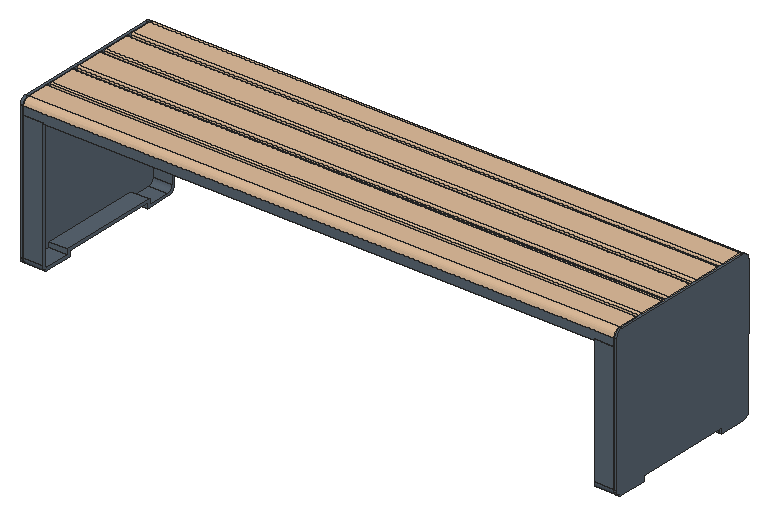
Revit family "product code 61108-S-L", category Meble, Revit 2021
Family settings
  Numer OmniClass = 23.40.20.00
  Tytuł OmniClass = General Furniture and Specialties
  Oparty na płaszczyźnie roboczej = Nie
  Zawsze pionowo = Tak
  Tnij formami wycięć po wczytaniu = Nie
  Współdzielony = Nie
  Punkt obliczania pomieszczeń = Nie
Parameters (values of type "61108-S-L")
  wood = Kobenhagen Wood - Larch
  metal = Kobenhagen RAL 5011
  Width = "50 cm"
  Weight = "50 kg"
  URL = "https://kobenhagen.com/en_US/p/Indre-By-4-person-Bench-wo-Backrest/207"
  Product line = "Indre By"
  Product Groups = "Benches"
  Producent = "Lars Laj"
  Keynote = ""
  Opis = "Indre By 4-person Bench w/o Backrest"
  Model = "61108-S-L"
  Material = "Larch, stainless steel, powder coated steel"
  Maintenance = "We recommend to examine and tighten all screws and bolt clamps after a few weeks’ use. In order to prevent cracks and to extend the life of the wood, it is recommended that the wood details should be oiled every 3-5 years."
  Lenght = "180 cm"
  Type Comments = ""
  Kobenhagen Materials = "larslaj.com/bim"
  Hosted on larslaj.com = "https://larslaj.com/bim"
  Height = "45 cm"
  Domyślna rzędna = 0 mm
  Copyright = "All designs and drawings are the intellectual property of Lars Laj A/S and are protected by Danish and international copyright laws."
Reference planes
  plane 1 "front": y = 0
  plane 2: z = 0
  plane 3 "Środek (Lewa/Prawa)": x = 0
  plane 4 "left": x = -895
  plane 5 "right": x = 895
  plane 6 "back": y = 575.242
  plane 7: x = -835
  plane 8: x = 835
  plane 9: x = -287.083
  plane 10: x = 285.833
Forms (mm)
  Extrusion 1, solid, material "Kobenhagen Wood - Larch" <- "wood"
    sketch origin (0, -0.031, 21.46) x (0, 1, 0) y (0, 0, 1)
      loop
        arc (260.118, 430.04) -> (256.583, 428.576) -> (255.118, 425.04) r 5
        line (255.118, 425.04) -> (255.118, 388.972)
        arc (255.118, 388.972) -> (255.693, 387.586) -> (257.078, 387.012) r 1.96
        line (257.078, 387.012) -> (342.493, 387.012)
        arc (342.493, 387.012) -> (343.908, 387.598) -> (344.493, 389.012) r 2
        line (344.493, 389.012) -> (344.493, 425.04)
        arc (344.493, 425.04) -> (343.029, 428.576) -> (339.493, 430.04) r 5
        line (339.493, 430.04) -> (260.118, 430.04)
    from -895 to 895
  Extrusion 2, solid, material "Kobenhagen Wood - Larch" <- "wood"
    sketch origin (0, -102.48, 21.46) x (0, 1, 0) y (0, 0, 1)
      loop
        arc (260.118, 430.04) -> (256.583, 428.576) -> (255.118, 425.04) r 5
        line (255.118, 425.04) -> (255.118, 388.972)
        arc (255.118, 388.972) -> (255.693, 387.586) -> (257.078, 387.012) r 1.96
        line (257.078, 387.012) -> (342.493, 387.012)
        arc (342.493, 387.012) -> (343.908, 387.598) -> (344.493, 389.012) r 2
        line (344.493, 389.012) -> (344.493, 425.04)
        arc (344.493, 425.04) -> (343.029, 428.576) -> (339.493, 430.04) r 5
        line (339.493, 430.04) -> (260.118, 430.04)
    from -895 to 895
  Extrusion 3, solid, material "Kobenhagen Wood - Larch" <- "wood"
    sketch origin (0, -204.668, 21.46) x (0, 1, 0) y (0, 0, 1)
      loop
        arc (275.801, 430.04) -> (261.497, 424.045) -> (255.743, 409.642) r 20.061
        line (255.743, 409.642) -> (258.916, 409.642) -> (258.916, 387.013) -> (343.118, 387.013)
        arc (343.118, 387.013) -> (344.532, 387.598) -> (345.117, 389.012) r 1.999
        line (345.117, 389.012) -> (345.117, 425.043)
        arc (345.117, 425.043) -> (343.653, 428.577) -> (340.119, 430.04) r 4.998
        line (340.119, 430.04) -> (275.801, 430.04)
    from -895 to 895
  Extrusion 4, solid, material "Kobenhagen Wood - Larch" <- "wood"
    sketch origin (0, 102.52, 22.625) x (0, 1, 0) y (0, 0, 1)
      loop
        arc (260.118, 428.875) -> (256.583, 427.411) -> (255.118, 423.875) r 5
        line (255.118, 423.875) -> (255.118, 387.807)
        arc (255.118, 387.807) -> (255.693, 386.421) -> (257.078, 385.847) r 1.96
        line (257.078, 385.847) -> (342.493, 385.847)
        arc (342.493, 385.847) -> (343.908, 386.433) -> (344.493, 387.847) r 2
        line (344.493, 387.847) -> (344.493, 423.875)
        arc (344.493, 423.875) -> (343.029, 427.411) -> (339.493, 428.875) r 5
        line (339.493, 428.875) -> (260.118, 428.875)
    from -895 to 895
  Extrusion 5, solid, material "Kobenhagen RAL 5011" <- "metal", not visible
    sketch origin (0, 0, 0) x (0, 1, 0) y (0, 0, 1)
      loop
        arc (71.187, 451.5) -> (57.045, 445.642) -> (51.187, 431.5) r 20
        line (51.187, 431.5) -> (51.187, 18.231)
        arc (51.187, 18.231) -> (56.527, 5.34) -> (69.418, 0) r 18.231
        line (69.418, 0) -> (153.638, 0) -> (153.638, 15) -> (448.638, 15) -> (448.638, 0) -> (527.023, 0)
        arc (527.023, 0) -> (542.307, 6.331) -> (548.638, 21.615) r 21.615
        line (548.638, 21.615) -> (548.638, 429.407)
        arc (548.638, 429.407) -> (542.168, 445.029) -> (526.545, 451.5) r 22.093
        line (526.545, 451.5) -> (71.187, 451.5)
    from 750.378 to 745
  Extrusion 6, solid, material "Kobenhagen RAL 5011" <- "metal", not visible
    sketch origin (0, 0, 0) x (0, 1, 0) y (0, 0, 1)
      loop
        line (548.638, 396.844) -> (629.375, 854.725) -> (601.836, 859.581)
        arc (601.836, 859.581) -> (585.224, 855.898) -> (576.082, 841.547) r 22.232
        line (576.082, 841.547) -> (507.306, 451.5) -> (526.545, 451.5)
        arc (526.545, 451.5) -> (542.168, 445.029) -> (548.638, 429.407) r 22.093
        line (548.638, 429.407) -> (548.638, 396.844)
    from 745 to 750.378
  Extrusion 7, solid, material "Kobenhagen RAL 5011" <- "metal"
    sketch origin (0, 0, 0) x (0, -1, 0) y (0, 0, 1)
      loop
        line (-71.187, 451.5) -> (-526.545, 451.5)
        arc (-526.545, 451.5) -> (-542.168, 445.029) -> (-548.638, 429.407) r 22.093
        line (-548.638, 429.407) -> (-548.638, 21.615)
        arc (-548.638, 21.615) -> (-542.307, 6.331) -> (-527.023, 0) r 21.615
        line (-527.023, 0) -> (-448.638, 0) -> (-448.638, 15) -> (-153.638, 15) -> (-153.638, 0) -> (-69.418, 0)
        arc (-69.418, 0) -> (-56.527, 5.34) -> (-51.187, 18.231) r 18.231
        line (-51.187, 18.231) -> (-51.187, 431.5)
        arc (-51.187, 431.5) -> (-57.045, 445.642) -> (-71.187, 451.5) r 20
    from 903.45 to 895
  Extrusion 8, solid, material "Kobenhagen RAL 5011" <- "metal"
    sketch origin (0, 0, 0) x (0, 1, 0) y (0, 0, 1)
      loop
        line (548.638, 23.296) -> (548.638, 408.472) -> (51.187, 408.472) -> (51.187, 18.763)
        arc (51.187, 18.763) -> (56.683, 5.495) -> (69.95, 0) r 18.763
        line (69.95, 0) -> (153.638, 0) -> (153.638, 15) -> (448.638, 15) -> (448.638, 0) -> (525.342, 0)
        arc (525.342, 0) -> (541.815, 6.823) -> (548.638, 23.296) r 23.296
      loop
        line (58.687, 400.262) -> (58.687, 18.763)
        arc (58.687, 18.763) -> (61.986, 10.799) -> (69.95, 7.5) r 11.263
        line (69.95, 7.5) -> (146.138, 7.5) -> (146.138, 22.5) -> (456.138, 22.5) -> (456.138, 7.5) -> (525.342, 7.5)
        arc (525.342, 7.5) -> (536.512, 12.127) -> (541.138, 23.296) r 15.796
        line (541.138, 23.296) -> (541.138, 400.262) -> (58.687, 400.262)
    from -895 to -835
  Extrusion 9, solid, material "Kobenhagen RAL 5011" <- "metal"
    sketch origin (0, 0, 0) x (0, 1, 0) y (0, 0, -1)
      loop
        line (548.09, -408.472) -> (548.09, -405.57) -> (72.53, -405.57) -> (72.53, -408.472) -> (548.09, -408.472)
    from -255.616 to -315.616
  Extrusion 10, solid, material "Kobenhagen RAL 5011" <- "metal"
    sketch origin (0, 0, 0) x (0, 1, 0) y (0, 0, 1)
      loop
        line (53.936, 431.102) -> (51.187, 431.102) -> (51.187, 405.57) -> (72.53, 405.57) -> (72.53, 408.472) -> (53.936, 408.472) -> (53.936, 431.102)
    from -895 to 895
  Extrusion 11, solid, material "Kobenhagen Wood - Larch" <- "wood"
    sketch origin (0, 804.004, 21.46) x (0, -1, 0) y (0, 0, -1)
      loop
        line (275.801, -430.04) -> (340.119, -430.04)
        arc (340.119, -430.04) -> (343.653, -428.577) -> (345.117, -425.043) r 4.998
        line (345.117, -425.043) -> (345.117, -389.012)
        arc (345.117, -389.012) -> (344.532, -387.598) -> (343.118, -387.013) r 1.999
        line (343.118, -387.013) -> (258.705, -387.013) -> (258.705, -409.642) -> (255.743, -409.642)
        arc (255.743, -409.642) -> (261.497, -424.045) -> (275.801, -430.04) r 20.061
    from -895 to 895
  Extrusion 12, solid, material "Kobenhagen RAL 5011" <- "metal"
    sketch origin (0, 0, 0) x (0, -1, 0) y (0, 0, -1)
      loop
        arc (-71.187, -451.5) -> (-57.045, -445.642) -> (-51.187, -431.5) r 20
        line (-51.187, -431.5) -> (-51.187, -18.231)
        arc (-51.187, -18.231) -> (-56.527, -5.34) -> (-69.418, 0) r 18.231
        line (-69.418, 0) -> (-153.638, 0) -> (-153.638, -15) -> (-448.638, -15) -> (-448.638, 0) -> (-527.023, 0)
        arc (-527.023, 0) -> (-542.307, -6.331) -> (-548.638, -21.615) r 21.615
        line (-548.638, -21.615) -> (-548.638, -429.407)
        arc (-548.638, -429.407) -> (-542.168, -445.029) -> (-526.545, -451.5) r 22.093
        line (-526.545, -451.5) -> (-71.187, -451.5)
    from 903.45 to 895
  Extrusion 13, solid, material "Kobenhagen RAL 5011" <- "metal"
    sketch origin (0, 0, 0) x (0, 1, 0) y (0, 0, -1)
      loop
        arc (548.638, -23.296) -> (541.815, -6.823) -> (525.342, 0) r 23.296
        line (525.342, 0) -> (448.638, 0) -> (448.638, -15) -> (153.638, -15) -> (153.638, 0) -> (69.95, 0)
        arc (69.95, 0) -> (56.683, -5.495) -> (51.187, -18.763) r 18.763
        line (51.187, -18.763) -> (51.187, -408.472) -> (548.638, -408.472) -> (548.638, -23.296)
      loop
        line (58.687, -400.262) -> (541.138, -400.262) -> (541.138, -23.296)
        arc (541.138, -23.296) -> (536.512, -12.127) -> (525.342, -7.5) r 15.796
        line (525.342, -7.5) -> (456.138, -7.5) -> (456.138, -22.5) -> (146.138, -22.5) -> (146.138, -7.5) -> (69.95, -7.5)
        arc (69.95, -7.5) -> (61.986, -10.799) -> (58.687, -18.763) r 11.263
        line (58.687, -18.763) -> (58.687, -400.262)
    from -895 to -835
  Extrusion 14, solid, material "Kobenhagen RAL 5011" <- "metal"
    sketch origin (0, 599.551, 0) x (0, -1, 0) y (0, 0, -1)
      loop
        line (53.936, -431.102) -> (53.936, -408.472) -> (72.53, -408.472) -> (72.53, -405.57) -> (50.912, -405.57) -> (50.912, -431.102) -> (53.936, -431.102)
    from -895 to 895
  Extrusion 15, solid, material "Kobenhagen RAL 5011" <- "metal"
    sketch origin (0, 0, 0) x (0, 1, 0) y (0, 0, 1)
      loop
        line (548.09, 408.472) -> (72.53, 408.472) -> (72.53, 405.57) -> (548.09, 405.57) -> (548.09, 408.472)
    from -255.616 to -315.616
Dimensions and locks
  Extrusion 1 sketch curve to Extrusion 1 sketch curve = 89.375 mm
  Extrusion 1 sketch curve to Extrusion 1 sketch curve = 43.028 mm
  Extrusion 2 sketch curve to Extrusion 2 sketch curve = 89.375 mm
  Extrusion 2 sketch curve to Extrusion 2 sketch curve = 43.028 mm
  Extrusion 3 sketch curve to Extrusion 3 sketch curve = 43.028 mm
  Extrusion 4 sketch curve to Extrusion 4 sketch curve = 89.375 mm
  Extrusion 4 sketch curve to Extrusion 4 sketch curve = 43.028 mm
  Extrusion 11 sketch curve to Extrusion 11 sketch curve = 43.028 mm
  aligned and locked: level to plane 2
  aligned and locked: plane 5 "right" to Extrusion 1
  aligned and locked: Extrusion 1 to plane 4 "left"
  aligned and locked: plane 5 "right" to Extrusion 4
  aligned and locked: plane 5 "right" to Extrusion 2
  aligned and locked: plane 5 "right" to Extrusion 3
  aligned and locked: Extrusion 4 to plane 4 "left"
  aligned and locked: Extrusion 2 to plane 4 "left"
  aligned and locked: Extrusion 3 to plane 4 "left"
  aligned and locked: plane 4 "left" to Extrusion 7
  aligned and locked: Extrusion 8 to plane 4 "left"
  aligned and locked: plane 7 to Extrusion 8
  aligned and locked: Extrusion 10 to plane 4 "left"
  aligned and locked: plane 5 "right" to Extrusion 10
